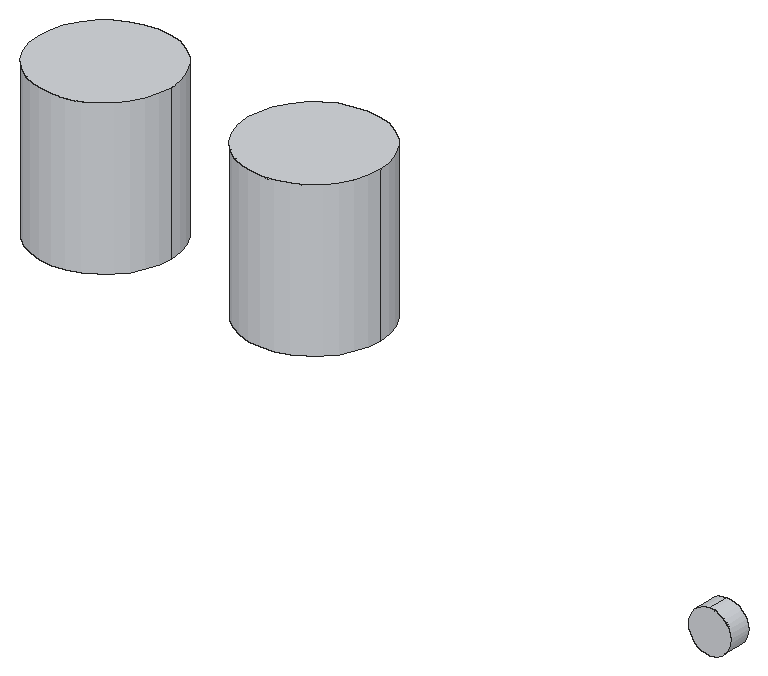
Revit family "MBH4_001_BIM", category HLS-Bauteile, Revit 2018
Family settings
  Bemaßung runder Anschluss = Durchmesser verwenden
  Klassifizierung = Keine
  Teiletyp = Normal
  OmniClass-Nummer = 23.65.35.11.14
  OmniClass-Titel = Instantaneous Water Heaters
  Arbeitsebenenbasiert = Nein
  Immer vertikal = Ja
  Beim Laden mit Abzugskörper schneiden = Nein
  Gemeinsam genutzt = Nein
  Raumberechnungspunkt = Nein
Parameters (values of type "Norm")
  Verbindung_2_Durchmesser = 0 mm
  Verbindung_1_Durchmesser = 0 mm
  URL = "https://www.clage.de/de/Produkte/E-Kleindurchlauferhitzer/MBH"
  Modell = "MBH"
  Hersteller = "Clage GmbH"
  Beschreibung = "E-Kleindurchlauferhitzer"
Reference planes
  plane 1 "Mitte (Vorne/Hinten)": y = 0
  plane 2: z = 0
  plane 3 "Mitte (Links/Rechts)": x = 0
Forms (mm)
  Extrusion 1, solid
    sketch origin (-15, -7.5, 86.997) x (1, 0, 0) y (0, 1, 0)
      loop
        circle (0, 0) r 9.525
    from 0 to -22.053
  Extrusion 2, solid
    sketch origin (15, -7.5, 86.997) x (1, 0, 0) y (0, 1, 0)
      loop
        circle (0, 0) r 9.525
    from 0 to -22.053
  Extrusion 3, solid
    sketch origin (63.017, 6.6, 36.189) x (0, 0, 1) y (1, 0, 0)
      loop
        circle (0, 0) r 3.048
    from 0 to -3.048
Dimensions and locks
  aligned and locked: level to plane 2
Connectors
  piping at (-15, -7.5, 86.997), diameter 9.5
    settings: on Extrusion 1, index 1, connector inside diameter 609.6 mm, connector length 0 mm, flow factor 0, pipe flow 2.5 L/s, pressure drop 88000.0 Pa, fitting loss kfactor 0, connector angle 0.00°, fixture units 0, engagement length 0 mm, angle of deflection 0.00°, flow configuration 1, flow direction 1, fitting loss method 4, system type 20, joint type 0, gender type 0, connector reference index -1, connector utility 0, adjustable connector no, is connector primary yes, connector description ""
  piping at (15, -7.5, 86.997), diameter 9.5
    settings: on Extrusion 2, index 2, connector inside diameter 609.6 mm, connector length 0 mm, flow factor 0, pipe flow 2.5 L/s, pressure drop 88000.0 Pa, fitting loss kfactor 0, connector angle 0.00°, fixture units 0, engagement length 0 mm, angle of deflection 0.00°, flow configuration 1, flow direction 2, fitting loss method 4, system type 19, joint type 0, gender type 0, connector reference index -1, connector utility 0, adjustable connector no, is connector primary no, connector description ""
  electrical at (63.017, 6.6, 36.189)
    settings: on Extrusion 3, index 3, voltage 230 V, apparent load 0 VA, apparent load phase1 0 VA, apparent load phase2 0 VA, apparent load phase3 0 VA, power factor 0, load classification "Sonstige", number of poles 1, system type 30, power factor state 1, is connector primary yes, connector utility no, sub classification motor no, connector description ""
